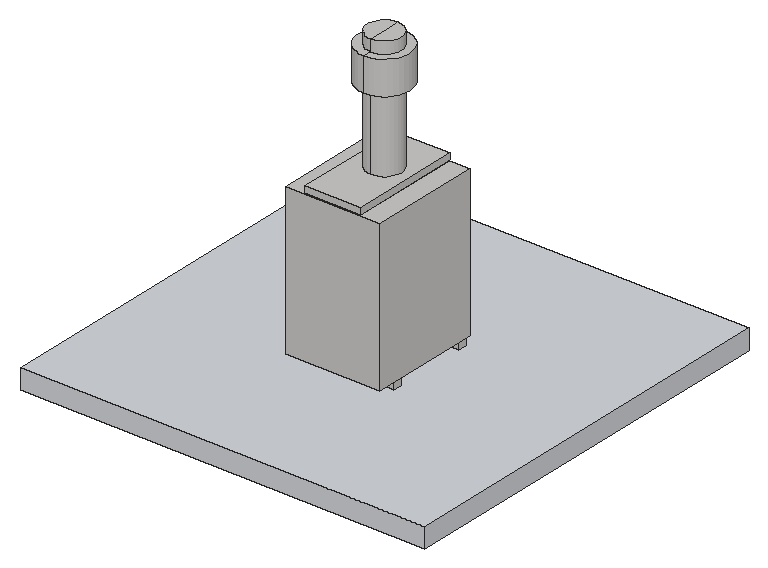
Revit family "DC_Rheem_PLM_Raypak_B0280HWT", category Mechanical Equipment, host Face, Revit 2020
Family settings
  Host = Face
  Round Connector Dimension = Use Radius
  Part Type = Normal
  Cut with Voids When Loaded = No
  Shared = No
  Room Calculation Point = No
Parameters (values of type "Raypak - Gas Water Heater- Outdoor - 261 MJ/h  Propane gas, modulating gas control")
  Width_ANZRS = 570 mm
  URL = "http://www.rheem.com.au/CommercialProducts"
  Type Comments = "Recovery 998L/h @ 50oC rise"
  Top Dia_ANZRS = 205 mm
  Model = "B0280PCM/HWT"
  Material_ANZRS = Raypak - Grey Powder Coated Steel
  PRV Dist_ANZRS = 210 mm
  PRV_ANZRS = 10 mm
  Manufacturer = "Raypak"
  Length_ANZRS = 675 mm
  Hot Water outlet radius_ANZRS = 20 mm
  Hot Water Outlet Diameter_ANZRS = Hot Water outlet radius_ANZRS * 2  # 40 mm
  Hot Water Conn. Dist_ANZRS = 170 mm
  Height_ANZRS = 1715 mm
  H1_ANZRS = 940 mm
  Gas Inlet radius_ANZRS = 10 mm
  Gas Inlet Height_ANZRS = 370 mm
  Gas Inlet Diameter_ANZRS = Gas Inlet radius_ANZRS * 2  # 20 mm
  Gas Conn. Dist_ANZRS = 105 mm
  DesignBy_ANZRS = "Design Content ©"
  Description = "Raypak - Gas Water Heater- Outdoor - 261 MJ/h  Propane gas, modulating gas control"
  Default Elevation = 0 mm
  Conn Height_ANZRS = 700 mm
  Cold Water Inlet Radius_ANZRS = 20 mm
  Cold Water Inlet Diameter_ANZRS = Cold Water Inlet Radius_ANZRS * 2  # 40 mm
  Cold Water Conn. Dist_ANZRS = 215 mm
  Box HEight_ANZRS = 985 mm
  Base1 Dist_ANZRS = 30 mm
  Base Width_ANZRS = 50 mm
  Basae2 Dist_ANZRS = 105 mm
  Author_ANZRS = "DM"
  Assembly Code = ""
Types (5, lengths in mm): name | URL | Type Comments | Model | Gas Inlet radius_ANZRS | Gas Inlet Diameter_ANZRS | Description
  (no name) | "http://www.rheem.com.au/downloads/PDF/Raypak_Mechanical_Heating_Brochure_July_09.pdf" | "Recovery 1061L/h @ 50oC rise" | "B0280NCO/HWT" | 10 | 20 | "Raypak - Gas Water Heater- Outdoor - 278 MJ/h  Natural gas, On/Off gas control"
  Raypak - Gas Water Heater- Outdoor - 278 MJ/h  Natural gas, modulating gas control | "http://www.rheem.com.au/CommercialProducts" | "Recovery 1061L/h @ 50oC rise" | "B0280NCM/HWT" | 12.5 | 25 | "Raypak - Gas Water Heater- Outdoor - 278 MJ/h  Natural gas, modulating gas control"
  Raypak - Gas Water Heater- Outdoor - 278 MJ/h  Natural gas, On/Off gas control | "http://www.rheem.com.au/CommercialProducts" | "Recovery 1061L/h @ 50oC rise" | "B0280NCO/HWT" | 10 | 20 | "Raypak - Gas Water Heater- Outdoor - 278 MJ/h  Natural gas, On/Off gas control"
  Raypak - Gas Water Heater- Outdoor - 261 MJ/h  Propane gas, modulating gas control | "http://www.rheem.com.au/CommercialProducts" | "Recovery 998L/h @ 50oC rise" | "B0280PCM/HWT" | 10 | 20 | "Raypak - Gas Water Heater- Outdoor - 261 MJ/h  Propane gas, modulating gas control"
  Raypak - Gas Water Heater- Outdoor - 261 MJ/h  Propane gas, On/Off gas control | "http://www.rheem.com.au/CommercialProducts" | "Recovery 998L/h @ 50oC rise" | "B0280PCO/HWT" | 10 | 20 | "Raypak - Gas Water Heater- Outdoor - 261 MJ/h  Propane gas, modulating gas control"
Reference planes
  plane 1 "Center (Front/Back)": y = 0
  plane 2: z = 0
  plane 3 "Center (Left/Right)": x = 0
  plane 4 "Height": z = 1715
  plane 5 "Box H": z = 985
  plane 6 "Conn H": z = 700
  plane 7 "Gas C": z = 370
  plane 8 "L1": y = 288
  plane 9 "L2": y = -387
  plane 10 "PVR": y = 78
  plane 11 "Hot Water": y = 118
  plane 12 "Cold Water": y = -97
  plane 13 "Gas C1": y = -282
  plane 14 "D1": y = 102.5
  plane 15 "D2": y = -102.5
  plane 16 "W1": x = -285
  plane 17 "W2": x = 285
  plane 18 "base": z = 40
  plane 19 "H4": z = 1445
  plane 20 "H3": z = 1645
  plane 21: z = 600
  plane 22: z = 565
  plane 23: y = -327
  plane 24: x = -280
  plane 25 "BASE11": y = 258
  plane 26 "BASE12": y = 208
  plane 27 "BASE21": y = -232
  plane 28 "BASE22": y = -282
  plane 29 "D4": x = 102.5
  plane 30 "D3": x = -102.5
  plane 31 "H1": z = 940
  plane 32 "HH": z = 950
  plane 33: x = 167.5
  plane 34: x = -167.5
  plane 35: x = 157.5
  plane 36: x = -157.5
  plane 37 "LL2": y = -377
  plane 38 "LL1": y = 278
  plane 39: x = -152.5
  plane 40: x = 152.5
  plane 41: y = 152.5
  plane 42: y = -152.5
Forms (mm)
  Extrusion 1, solid
    sketch origin (0, 0, 0) x (1, 0, 0) y (0, 1, 0)
      loop
        line (-1219.2, 1219.2) -> (-1219.2, -1219.2) -> (1219.2, -1219.2) -> (1219.2, 1219.2) -> (-1219.2, 1219.2)
    from 0 to -120
  Extrusion 2, solid, material "Raypak - Grey Powder Coated Steel" <- "Material_ANZRS"
    sketch origin (0, 0, 0) x (1, 0, 0) y (0, 1, 0)
      loop
        line (-285, 288) -> (-285, -387) -> (285, -387) -> (285, 288) -> (-285, 288)
    from 40 to 940
  Revolve 3, solid, material "Raypak - Grey Powder Coated Steel" <- "Material_ANZRS"
    sketch origin (0, 0, 105) x (0, 1, 0) y (0, 0, 1)
      loop
        line (0, 1610) -> (-102.5, 1610) -> (-102.5, 1540) -> (-152.5, 1540) -> (-152.5, 1340) -> (-102.5, 1340) -> (-102.5, 880) -> (0, 880) -> (0, 1610)
      axis (0, 1610) -> (0, 880)
    angle from 0 to 360
  Extrusion 4, void
    sketch origin (0, 0, 0) x (0, 1, 0) y (0, 0, 1)
      loop
        circle (78, 700) r 10
      loop
        circle (118, 700) r 20
      loop
        circle (-97, 700) r 20
    from -285 to -280
  Extrusion 5, void
    sketch origin (0, 0, 0) x (0, 1, 0) y (0, 0, 1)
      loop
        circle (-327, 600) r 5
      loop
        circle (-327, 565) r 5
      loop
        circle (-282, 370) r 10
    from -285 to -280
  Extrusion 6, solid, material "Raypak - Grey Powder Coated Steel" <- "Material_ANZRS"
    sketch origin (0, 0, 0) x (0, 1, 0) y (0, 0, 1)
      loop
        line (258, 40) -> (208, 40) -> (208, 0) -> (258, 0) -> (258, 40)
      loop
        line (-232, 40) -> (-282, 40) -> (-282, 0) -> (-232, 0) -> (-232, 40)
    from -285 to 285
  Extrusion 7, solid, material "Raypak - Grey Powder Coated Steel" <- "Material_ANZRS"
    sketch origin (0, 0, 0) x (1, 0, 0) y (0, 0, 1)
      loop
        line (167.5, 985) -> (-167.5, 985) -> (-167.5, 950) -> (167.5, 950) -> (167.5, 985)
    from -288 to 387
  Extrusion 8, solid, material "Raypak - Grey Powder Coated Steel" <- "Material_ANZRS"
    sketch origin (0, 0, 0) x (1, 0, 0) y (0, 0, 1)
      loop
        line (157.5, 950) -> (-157.5, 950) -> (-157.5, 940) -> (157.5, 940) -> (157.5, 950)
    from -278 to 377
Cuts and joins
  Extrusion 4, Extrusion 5 cuts Extrusion 2
Lines and regions (mm)
  Masking region 1
    outline origin (0, 0, 0) x (1, 0, 0) y (0, 1, 0)
      loop
        line (-285, 288) -> (-285, -387) -> (285, -387) -> (285, 288) -> (-285, 288)
  Masking region 2
    outline origin (0, 0, 0) x (1, 0, 0) y (0, 0, 1)
      loop
        line (-102.5, 1715) -> (-102.5, 1645) -> (-152.5, 1645) -> (-152.5, 1445) -> (-102.5, 1445) -> (-102.5, 985) -> (-167.5, 985) -> (-167.5, 950) -> (-157.5, 950) -> (-157.5, 940) -> (-285, 940) -> (-285, 0) -> (285, 0) -> (285, 940) -> (157.5, 940) -> (157.5, 950) -> (167.5, 950) -> (167.5, 985) -> (102.5, 985) -> (102.5, 1445) -> (152.5, 1445) -> (152.5, 1645) -> (102.5, 1645) -> (102.5, 1715) -> (0, 1715) -> (-102.5, 1715)
  Masking region 3
    outline origin (0, 0, 0) x (0, 1, 0) y (0, 0, 1)
      loop
        line (-102.5, 1715) -> (-102.5, 1645) -> (-152.5, 1645) -> (-152.5, 1445) -> (-102.5, 1445) -> (-102.5, 985) -> (-387, 985) -> (-387, 950) -> (-377, 950) -> (-377, 940) -> (-387, 940) -> (-387, 40) -> (-282, 40) -> (-282, 0) -> (-232, 0) -> (-232, 40) -> (208, 40) -> (208, 0) -> (258, 0) -> (258, 40) -> (288, 40) -> (288, 940) -> (278, 940) -> (278, 950) -> (288, 950) -> (288, 985) -> (102.5, 985) -> (102.5, 1445) -> (152.5, 1445) -> (152.5, 1645) -> (102.5, 1645) -> (102.5, 1715) -> (-102.5, 1715)
  symbolic lines, style "Emergency", detail levels fine
    curve 1: arc (0, 152.5, 0) -> (-152.5, 0, 0) -> (0, -152.5, 0) r 152.5
    curve 2: arc (0, -152.5, 0) -> (152.5, 0, 0) -> (0, 152.5, 0) r 152.5
    curve 3: arc (0, 152.5, 0) -> (152.5, 0, 0) -> (0, -152.5, 0) r 152.5
    curve 4: arc (0, -152.5, 0) -> (-152.5, 0, 0) -> (0, 152.5, 0) r 152.5
    curve 5: arc (0, -102.5, 0) -> (-102.5, 0, 0) -> (0, 102.5, 0) r 102.5
    curve 6: arc (0, 102.5, 0) -> (102.5, 0, 0) -> (0, -102.5, 0) r 102.5
    curve 7: line (285, -387, 0) -> (285, 288, 0)
    curve 8: line (285, 288, 0) -> (-285, 288, 0)
    curve 9: line (-285, 288, 0) -> (-285, -387, 0)
    curve 10: line (-285, -387, 0) -> (285, -387, 0)
    curve 11: line (102.5, 0, 1645) -> (152.5, 0, 1645)
    curve 12: line (152.5, 0, 1445) -> (152.5, 0, 1645)
    curve 13: line (-152.5, 0, 1645) -> (-152.5, 0, 1445)
    curve 14: line (-152.5, 0, 1645) -> (-102.5, 0, 1645)
    curve 15: line (-102.5, 0, 1715) -> (102.5, 0, 1715)
    curve 16: line (0, 0, 1715) -> (102.5, 0, 1715)
    curve 17: line (152.5, 0, 1645) -> (-152.5, 0, 1645)
    curve 18: line (102.5, 0, 1762.094) -> (-102.5, 0, 1762.094)
    curve 19: line (-152.5, 0, 1445) -> (0, 0, 1445)
    curve 20: line (0, 0, 1445) -> (152.5, 0, 1445)
    curve 21: line (102.5, 0, 1715) -> (102.5, 0, 1645)
    curve 22: line (-102.5, 0, 1715) -> (-102.5, 0, 1645)
    curve 23: line (285, 0, 940) -> (-285, 0, 940)
    curve 24: line (285, 0, 40) -> (285, 0, 940)
    curve 25: line (-285, 0, 940) -> (-285, 0, 40)
    curve 26: line (-285, 0, 40) -> (285, 0, 40)
    curve 27: line (285, 0, 0) -> (285, 0, 40)
    curve 28: line (-285, 0, 40) -> (-285, 0, 0)
    curve 29: line (-285, 0, 0) -> (285, 0, 0)
    curve 30: line (-102.5, 0, 1445) -> (-102.5, 0, 985)
    curve 31: line (102.5, 0, 1445) -> (102.5, 0, 985)
    curve 32: arc (0, 68, 700) -> (0, 78, 690) -> (0, 88, 700) r 10
    curve 33: arc (0, 88, 700) -> (0, 78, 710) -> (0, 68, 700) r 10
    curve 34: arc (0, 138, 700) -> (0, 118, 720) -> (0, 98, 700) r 20
    curve 35: arc (0, 98, 700) -> (0, 118, 680) -> (0, 138, 700) r 20
    curve 36: arc (0, -117, 700) -> (0, -97, 680) -> (0, -77, 700) r 20
    curve 37: arc (0, -77, 700) -> (0, -97, 720) -> (0, -117, 700) r 20
    curve 38: arc (0, -272, 370) -> (0, -282, 380) -> (0, -292, 370) r 10
    curve 39: arc (0, -292, 370) -> (0, -282, 360) -> (0, -272, 370) r 10
    curve 40: arc (0, -332, 565) -> (0, -327, 560) -> (0, -322, 565) r 5
    curve 41: arc (0, -322, 565) -> (0, -327, 570) -> (0, -332, 565) r 5
    curve 42: arc (0, -332, 600) -> (0, -327, 595) -> (0, -322, 600) r 5
    curve 43: arc (0, -322, 600) -> (0, -327, 605) -> (0, -332, 600) r 5
    curve 44: line (0, -102.5, 1715) -> (0, -102.5, 1645)
    curve 45: line (0, 102.5, 1715) -> (0, 102.5, 1645)
    curve 46: line (0, 152.5, 1445) -> (0, -152.113, 1445)
    curve 47: line (0, 152.5, 1645) -> (0, -152.113, 1645)
    curve 48: line (0, 102.5, 1645) -> (0, -102.5, 1645)
    curve 49: line (0, 102.5, 1645) -> (0, 152.5, 1645)
    curve 50: line (0, -152.113, 1445) -> (0, -152.113, 1645)
    curve 51: line (0, -102.5, 1645) -> (0, -152.113, 1645)
    curve 52: line (0, 152.5, 1445) -> (0, 152.5, 1645)
    curve 53: line (0, -102.5, 1715) -> (0, 102.5, 1715)
    curve 54: line (0, 102.5, 1445) -> (0, 102.5, 985)
    curve 55: line (0, -102.5, 1445) -> (0, -102.5, 985)
    curve 56: line (0, 288, 985) -> (0, -387, 985)
    curve 57: line (0, -387, 985) -> (0, -387, 950)
    curve 58: line (0, 288, 40) -> (0, 288, 940)
    curve 59: line (0, -387, 40) -> (0, 288, 40)
    curve 60: line (0, 208, 40) -> (0, 208, 0)
    curve 61: line (0, 258, 0) -> (0, 258, 40)
    curve 62: line (0, 208, 0) -> (0, 258, 0)
    curve 63: line (0, -232, 0) -> (0, -232, 40)
    curve 64: line (0, -282, 40) -> (0, -282, 0)
    curve 65: line (0, -282, 0) -> (0, -232, 0)
    curve 66: line (-167.5, 288, 0) -> (-167.5, -387, 0)
    curve 67: line (167.5, -387, 0) -> (167.5, 288, 0)
    curve 68: line (167.5, 0, 950) -> (167.5, 0, 985)
    curve 69: line (-167.5, 0, 950) -> (167.5, 0, 950)
    curve 70: line (157.5, 0, 940) -> (157.5, 0, 950)
    curve 71: line (-167.5, 0, 985) -> (-167.5, 0, 950)
    curve 72: line (-157.5, 0, 950) -> (-157.5, 0, 940)
    curve 73: line (167.5, 0, 985) -> (-167.5, 0, 985)
    curve 74: line (0, -387, 950) -> (0, 288, 950)
    curve 75: line (0, 288, 940) -> (0, -387, 940)
    curve 76: line (0, 278, 940) -> (0, 278, 950)
    curve 77: line (0, -377, 950) -> (0, -377, 940)
    curve 78: line (0, -387, 940) -> (0, -387, 40)
    curve 79: line (0, 288, 950) -> (0, 288, 985)
Dimensions and locks
  "Height_ANZRS": plane 4 "Height" to level
  "Box HEight_ANZRS": plane 5 "Box H" to level
  "Conn Height_ANZRS": plane 6 "Conn H" to Extrusion 1
  "Gas Inlet Height_ANZRS": plane 7 "Gas C" to level
  "Length_ANZRS": plane 8 "L1" to plane 9 "L2"
  "PRV Dist_ANZRS": plane 8 "L1" to plane 10 "PVR"
  "Hot Water Conn. Dist_ANZRS": plane 8 "L1" to plane 11 "Hot Water"
  "Cold Water Conn. Dist_ANZRS": plane 11 "Hot Water" to plane 12 "Cold Water"
  "Gas Conn. Dist_ANZRS": plane 13 "Gas C1" to plane 9 "L2"
  plane 1 "Center (Front/Back)" to plane 9 "L2" = 387 mm
  plane 18 "base" to level = 40 mm
  plane 4 "Height" to plane 20 "H3" to plane 19 "H4" = 70 mm, 200 mm
  equal spacing: plane 17 "W2", plane 3 "Center (Left/Right)", plane 16 "W1"
  "Width_ANZRS": plane 17 "W2" to plane 16 "W1"
  equal spacing: plane 14 "D1", plane 1 "Center (Front/Back)", plane 15 "D2"
  "Top Dia_ANZRS": plane 14 "D1" to plane 15 "D2"
  plane 21 to Extrusion 1 = 600 mm
  plane 22 to Extrusion 1 = 565 mm
  plane 18 "base" to Extrusion 1 = 40 mm
  plane 23 to plane 9 "L2" = 60 mm
  plane 16 "W1" to plane 24 = 5 mm
  "Base1 Dist_ANZRS": plane 8 "L1" to plane 25 "BASE11"
  "Base Width_ANZRS": plane 25 "BASE11" to plane 26 "BASE12"
  "Base Width_ANZRS": plane 27 "BASE21" to plane 28 "BASE22"
  "Basae2 Dist_ANZRS": plane 28 "BASE22" to plane 9 "L2"
  equal spacing: plane 30 "D3", plane 3 "Center (Left/Right)", plane 29 "D4"
  "Top Dia_ANZRS": plane 30 "D3" to plane 29 "D4"
  "H1_ANZRS": plane 31 "H1" to Extrusion 1
  locked: plane 31 "H1" to plane 32 "HH" at 10
  plane 34 to plane 3 "Center (Left/Right)" to plane 33 = 167.5 mm, 167.5 mm
  plane 34 to plane 33 = 335 mm
  locked: plane 35 to plane 33 at 10
  locked: plane 36 to plane 34 at 10
  locked: plane 37 "LL2" to plane 9 "L2" at 10
  plane 38 "LL1" to plane 8 "L1" = 10 mm
  plane 30 "D3" to plane 39 = 50 mm  (x2)
  plane 29 "D4" to plane 40 = 50 mm  (x2)
  plane 41 to plane 14 "D1" = 50 mm
  plane 15 "D2" to plane 42 = 50 mm
  "Hot Water outlet radius_ANZRS": radius of Extrusion 4 sketch curve
  "Cold Water Inlet Radius_ANZRS": radius of Extrusion 4 sketch curve
  "PRV_ANZRS": radius of Extrusion 4 sketch curve
  "Gas Inlet radius_ANZRS": radius of Extrusion 5 sketch curve
  aligned and locked: plane 2 to Extrusion 1
  aligned and locked: level to Extrusion 1
  aligned and locked: plane 8 "L1" to Extrusion 2 sketch curve
  aligned and locked: plane 16 "W1" to Extrusion 2 sketch curve
  aligned and locked: plane 9 "L2" to Extrusion 2 sketch curve
  aligned and locked: plane 17 "W2" to Extrusion 2 sketch curve
  aligned: plane 5 "Box H" to Extrusion 2
  aligned and locked: Revolve 3 sketch curve to plane 1 "Center (Front/Back)"
  aligned and locked: plane 11 "Hot Water" to Extrusion 4 sketch curve
  aligned and locked: plane 10 "PVR" to Extrusion 4 sketch curve
  aligned and locked: plane 6 "Conn H" to Extrusion 4 sketch curve  (x3)
  aligned and locked: Extrusion 4 to plane 16 "W1"
  aligned and locked: Extrusion 2 to plane 18 "base"
  aligned and locked: plane 12 "Cold Water" to Extrusion 4 sketch curve
  aligned and locked: Revolve 3 sketch curve to plane 4 "Height"
  aligned and locked: plane 5 "Box H" to Revolve 3 sketch curve
  aligned and locked: plane 19 "H4" to Revolve 3 sketch curve
  aligned: plane 15 "D2" to Revolve 3 sketch curve
  aligned and locked: plane 15 "D2" to Revolve 3 sketch curve  (x2)
  aligned and locked: plane 21 to Extrusion 5 sketch curve
  aligned and locked: plane 23 to Extrusion 5 sketch curve  (x2)
  aligned and locked: plane 22 to Extrusion 5 sketch curve
  aligned and locked: Extrusion 5 to plane 16 "W1"
  aligned and locked: plane 24 to Extrusion 5
  aligned and locked: plane 13 "Gas C1" to Extrusion 5 sketch curve
  aligned and locked: plane 7 "Gas C" to Extrusion 5 sketch curve
  aligned and locked: Extrusion 5 to Extrusion 4
  aligned and locked: plane 18 "base" to Extrusion 6 sketch curve  (x2)
  aligned and locked: Extrusion 6 sketch curve to plane 25 "BASE11"
  aligned and locked: Extrusion 6 sketch curve to level  (x2)
  aligned and locked: plane 26 "BASE12" to Extrusion 6 sketch curve
  aligned and locked: Extrusion 6 sketch curve to plane 27 "BASE21"
  aligned and locked: plane 28 "BASE22" to Extrusion 6 sketch curve
  aligned and locked: Extrusion 6 to plane 16 "W1"
  aligned and locked: Extrusion 6 to plane 17 "W2"
  aligned and locked: Masking region 1 sketch curve to cut or joined group of Extrusion 2, Extrusion 4, Extrusion 5  (x4)
  aligned and locked: Masking region 2 sketch curve to plane 30 "D3"
  aligned and locked: Masking region 2 sketch curve to Revolve 3  (x3)
  aligned and locked: plane 29 "D4" to Masking region 2 sketch curve
  aligned and locked: Revolve 3 to Masking region 2 sketch curve
  aligned and locked: plane 5 "Box H" to Masking region 2 sketch curve
  aligned and locked: plane 16 "W1" to Masking region 2 sketch curve
  aligned and locked: Masking region 2 sketch curve to plane 17 "W2"
  aligned and locked: Extrusion 1 to Masking region 2 sketch curve
  aligned and locked: Masking region 3 sketch curve to Revolve 3
  aligned and locked: Masking region 3 sketch curve to plane 15 "D2"  (x2)
  aligned and locked: plane 5 "Box H" to Masking region 3 sketch curve
  aligned and locked: Masking region 3 sketch curve to plane 9 "L2"
  aligned and locked: plane 18 "base" to Masking region 3 sketch curve
  aligned and locked: Masking region 3 sketch curve to Extrusion 6  (x4)
  aligned and locked: plane 26 "BASE12" to Masking region 3 sketch curve
  aligned and locked: plane 25 "BASE11" to Masking region 3 sketch curve
  aligned and locked: plane 8 "L1" to Masking region 3 sketch curve
  aligned and locked: plane 14 "D1" to Masking region 3 sketch curve
  aligned and locked: Revolve 3 to Masking region 3 sketch curve
  aligned and locked: curve 1 to Revolve 3
  aligned and locked: curve 2 to Revolve 3
  aligned and locked: curve 3 to Revolve 3
  aligned and locked: curve 4 to Revolve 3
  aligned and locked: curve 5 to Revolve 3
  aligned and locked: curve 6 to Revolve 3
  aligned and locked: curve 7 to cut or joined group of Extrusion 2, Extrusion 4, Extrusion 5
  aligned and locked: curve 8 to cut or joined group of Extrusion 2, Extrusion 4, Extrusion 5
  aligned and locked: curve 9 to cut or joined group of Extrusion 2, Extrusion 4, Extrusion 5
  aligned and locked: curve 10 to cut or joined group of Extrusion 2, Extrusion 4, Extrusion 5
  aligned and locked: curve 32 to cut or joined group of Extrusion 2, Extrusion 4, Extrusion 5
  aligned and locked: curve 33 to cut or joined group of Extrusion 2, Extrusion 4, Extrusion 5
  aligned and locked: curve 34 to cut or joined group of Extrusion 2, Extrusion 4, Extrusion 5
  aligned and locked: curve 35 to cut or joined group of Extrusion 2, Extrusion 4, Extrusion 5
  aligned and locked: curve 36 to cut or joined group of Extrusion 2, Extrusion 4, Extrusion 5
  aligned and locked: curve 37 to cut or joined group of Extrusion 2, Extrusion 4, Extrusion 5
  aligned and locked: curve 38 to cut or joined group of Extrusion 2, Extrusion 4, Extrusion 5
  aligned and locked: curve 39 to cut or joined group of Extrusion 2, Extrusion 4, Extrusion 5
  aligned and locked: curve 40 to cut or joined group of Extrusion 2, Extrusion 4, Extrusion 5
  aligned and locked: curve 41 to cut or joined group of Extrusion 2, Extrusion 4, Extrusion 5
  aligned and locked: curve 42 to cut or joined group of Extrusion 2, Extrusion 4, Extrusion 5
  aligned and locked: curve 43 to cut or joined group of Extrusion 2, Extrusion 4, Extrusion 5
  aligned and locked: curve 44 to plane 15 "D2"
  aligned and locked: plane 14 "D1" to curve 45
  aligned and locked: curve 53 to Revolve 3
  aligned and locked: Extrusion 2 to plane 31 "H1"
  aligned and locked: curve 23 to cut or joined group of Extrusion 2, Extrusion 4, Extrusion 5
  aligned and locked: plane 5 "Box H" to Extrusion 7 sketch curve
  aligned and locked: Extrusion 7 sketch curve to plane 33
  aligned and locked: Extrusion 7 sketch curve to plane 32 "HH"
  aligned and locked: Extrusion 7 sketch curve to plane 34
  aligned and locked: plane 32 "HH" to Extrusion 8 sketch curve
  aligned and locked: Extrusion 8 sketch curve to plane 35
  aligned and locked: Extrusion 8 sketch curve to plane 31 "H1"
  aligned and locked: Extrusion 8 sketch curve to plane 36
  aligned and locked: Extrusion 7 to plane 8 "L1"
  aligned and locked: Extrusion 7 to plane 9 "L2"
  aligned and locked: Extrusion 8 to plane 37 "LL2"
  aligned and locked: plane 38 "LL1" to Extrusion 8
  aligned and locked: curve 66 to Extrusion 7
  aligned and locked: curve 67 to Extrusion 7
  aligned and locked: curve 68 to Extrusion 7
  aligned and locked: curve 69 to Extrusion 7
  aligned and locked: curve 70 to Extrusion 8
  aligned and locked: curve 71 to Extrusion 7
  aligned and locked: curve 72 to Extrusion 8
  aligned and locked: curve 73 to Extrusion 7
  aligned and locked: Masking region 2 sketch curve to Extrusion 7  (x3)
  aligned and locked: Extrusion 7 to Masking region 2 sketch curve
  aligned and locked: Masking region 2 sketch curve to Extrusion 8  (x2)
  aligned and locked: Masking region 2 sketch curve to cut or joined group of Extrusion 2, Extrusion 4, Extrusion 5
  aligned and locked: curve 74 to Extrusion 7
  aligned and locked: curve 75 to cut or joined group of Extrusion 2, Extrusion 4, Extrusion 5
  aligned and locked: curve 76 to Extrusion 8
  aligned and locked: curve 77 to Extrusion 8
  aligned and locked: Masking region 3 sketch curve to Extrusion 7
  aligned and locked: Masking region 3 sketch curve to cut or joined group of Extrusion 2, Extrusion 4, Extrusion 5
  aligned and locked: Masking region 3 sketch curve to Extrusion 8  (x2)
  aligned and locked: plane 19 "H4" to curve 12
  aligned and locked: plane 20 "H3" to curve 17  (x2)
  aligned and locked: curve 12 to plane 40
  aligned and locked: plane 19 "H4" to curve 13
  aligned and locked: plane 19 "H4" to curve 52
  aligned and locked: plane 20 "H3" to curve 52
  aligned and locked: plane 19 "H4" to curve 50
  aligned and locked: Revolve 3 sketch curve to plane 20 "H3"
  aligned and locked: plane 41 to Masking region 3 sketch curve
  aligned and locked: Masking region 3 sketch curve to plane 42
  aligned and locked: plane 20 "H3" to Masking region 3 sketch curve
  aligned and locked: curve 51 to plane 20 "H3"
  aligned and locked: curve 52 to plane 41
  aligned and locked: plane 40 to Masking region 2 sketch curve
  aligned and locked: Masking region 2 sketch curve to plane 20 "H3"
  aligned and locked: plane 20 "H3" to Masking region 2 sketch curve
  aligned and locked: Masking region 2 sketch curve to plane 39
  aligned and locked: curve 11 to plane 20 "H3"
Automatic sketch dimensions
  Extrusion 1 sketch curve to Extrusion 1 sketch curve = 2438.4 mm  (x2)
  curve 9 to plane 9 "L2" = 0 mm
  curve 9 to plane 16 "W1" = 0 mm
  plane 8 "L1" to curve 66 = 0 mm
  curve 66 to plane 34 = 0 mm
  curve 67 to plane 33 = 0 mm
  curve 7 to plane 17 "W2" = 0 mm
  curve 57 to plane 5 "Box H" = 0 mm
  curve 57 to plane 9 "L2" = 0 mm
  curve 78 to plane 9 "L2" = 0 mm
  curve 77 to plane 37 "LL2" = 0 mm
  curve 64 to level = 0 mm
  curve 64 to plane 13 "Gas C1" = 0 mm
  curve 65 to plane 27 "BASE21" = 0 mm
  curve 55 to plane 15 "D2" = 0 mm
  curve 54 to plane 14 "D1" = 0 mm
  curve 62 to level = 0 mm
  curve 62 to plane 26 "BASE12" = 0 mm
  curve 61 to plane 18 "base" = 0 mm
  curve 61 to plane 25 "BASE11" = 0 mm
  curve 76 to plane 32 "HH" = 0 mm
  curve 76 to plane 38 "LL1" = 0 mm
  curve 74 to plane 8 "L1" = 0 mm
  curve 59 to plane 8 "L1" = 0 mm
  curve 59 to plane 18 "base" = 0 mm
  curve 63 to plane 18 "base" = 0 mm
  curve 64 to plane 18 "base" = 0 mm
  curve 60 to plane 18 "base" = 0 mm
  curve 53 to plane 4 "Height" = 0 mm
  Masking region 2 sketch curve to plane 30 "D3" = 0 mm
  Masking region 2 sketch curve to plane 3 "Center (Left/Right)" = 0 mm
  plane 29 "D4" to Masking region 2 sketch curve = 0 mm
  Masking region 2 sketch curve to plane 31 "H1" = 0 mm
  Masking region 2 sketch curve to plane 5 "Box H" = 0 mm
  Masking region 3 sketch curve to plane 9 "L2" = 0 mm
  Masking region 3 sketch curve to plane 14 "D1" = 0 mm
  Masking region 3 sketch curve to plane 19 "H4" = 0 mm
  Masking region 3 sketch curve to plane 8 "L1" = 0 mm
  Masking region 3 sketch curve to plane 18 "base" = 0 mm  (x2)
  Masking region 3 sketch curve to plane 31 "H1" = 0 mm
  Masking region 3 sketch curve to plane 32 "HH" = 0 mm
  Masking region 3 sketch curve to plane 5 "Box H" = 0 mm
  Revolve 3 sketch curve to plane 1 "Center (Front/Back)" = 0 mm
  Revolve 3 sketch curve to Revolve 3 sketch curve = 675 mm
  Revolve 3 sketch curve to Revolve 3 sketch curve = 130 mm
  Revolve 3 sketch curve to plane 42 = 0 mm
  plane 20 "H3" to Masking region 3 sketch curve = 0 mm
  curve 46 to plane 42 = 0.387 mm
  curve 28 to plane 16 "W1" = 0 mm
  curve 71 to plane 32 "HH" = 0 mm
  curve 71 to plane 34 = 0 mm
  curve 72 to plane 36 = 0 mm
  curve 17 to plane 39 = 0 mm
  curve 15 to plane 4 "Height" = 0 mm
  curve 15 to plane 30 "D3" = 0 mm
  curve 30 to plane 30 "D3" = 0 mm
  curve 18 to plane 30 "D3" = 0 mm
  curve 16 to plane 3 "Center (Left/Right)" = 0 mm
  curve 19 to plane 3 "Center (Left/Right)" = 0 mm
  plane 29 "D4" to curve 31 = 0 mm
  plane 29 "D4" to curve 21 = 0 mm
  plane 29 "D4" to curve 18 = 0 mm
  plane 35 to curve 70 = 0 mm
  plane 33 to curve 69 = 0 mm
  plane 17 "W2" to curve 24 = 0 mm
  curve 29 to level = 0 mm
  curve 25 to plane 18 "base" = 0 mm
  curve 68 to plane 5 "Box H" = 0 mm
  curve 15 to curve 18 = 47.094 mm
  Extrusion 5 sketch curve to plane 13 "Gas C1" = 0 mm
  radius of Extrusion 5 sketch curve = 5 mm  (x2)
Connectors
  piping at (-285, 118, 700), diameter 40, driven by "Hot Water outlet radius_ANZRS"
    settings: on cut or joined group of Extrusion 2, Extrusion 4, Extrusion 5, index 1, connector inside diameter 1.5748", connector length 0 mm, flow factor 0, pipe flow 0 GPM, pressure drop 0.00 psi, fitting loss kfactor 0, connector angle 0.00°, fixture units 0, engagement length 0 mm, angle of deflection 0.00°, flow configuration 0, flow direction 0, fitting loss method 0, system type 19, joint type 0, gender type 0, connector reference index -1, connector utility 0, adjustable connector no, is connector primary yes, connector description ""
  piping at (-285, 78, 700), diameter 20, driven by "PRV_ANZRS"
    settings: on cut or joined group of Extrusion 2, Extrusion 4, Extrusion 5, index 2, connector inside diameter 0.7874", connector length 0 mm, flow factor 0, pipe flow 0 GPM, pressure drop 0.00 psi, fitting loss kfactor 0, connector angle 0.00°, fixture units 0, engagement length 0 mm, angle of deflection 0.00°, flow configuration 0, flow direction 0, fitting loss method 0, system type 19, joint type 0, gender type 0, connector reference index -1, connector utility 0, adjustable connector no, is connector primary no, connector description ""
  piping at (-285, -97, 700), diameter 40, driven by "Cold Water Inlet Radius_ANZRS"
    settings: on cut or joined group of Extrusion 2, Extrusion 4, Extrusion 5, index 3, connector inside diameter 1.5748", connector length 0 mm, flow factor 0, pipe flow 0 GPM, pressure drop 0.00 psi, fitting loss kfactor 0, connector angle 0.00°, fixture units 0, engagement length 0 mm, angle of deflection 0.00°, flow configuration 0, flow direction 0, fitting loss method 0, system type 20, joint type 0, gender type 0, connector reference index -1, connector utility 0, adjustable connector no, is connector primary no, connector description ""
  piping at (-285, -282, 370), diameter 20, driven by "Gas Inlet radius_ANZRS"
    settings: on cut or joined group of Extrusion 2, Extrusion 4, Extrusion 5, index 4, connector inside diameter 0.7874", connector length 0 mm, flow factor 0, pipe flow 0 GPM, pressure drop 0.00 psi, fitting loss kfactor 0, connector angle 0.00°, fixture units 0, engagement length 0 mm, angle of deflection 0.00°, flow configuration 0, flow direction 0, fitting loss method 0, system type 22, joint type 0, gender type 0, connector reference index -1, connector utility 0, adjustable connector no, is connector primary no, connector description ""
  electrical at (-285, -327, 600)
    settings: on cut or joined group of Extrusion 2, Extrusion 4, Extrusion 5, index 5, voltage 0 V, apparent load 0 VA, apparent load phase1 0 VA, apparent load phase2 0 VA, apparent load phase3 0 VA, power factor 1, load classification "Other", number of poles 1, system type 31, power factor state 1, is connector primary yes, connector utility no, sub classification motor no, connector description ""
  electrical at (-285, -327, 565)
    settings: on cut or joined group of Extrusion 2, Extrusion 4, Extrusion 5, index 6, voltage 0 V, apparent load 0 VA, apparent load phase1 0 VA, apparent load phase2 0 VA, apparent load phase3 0 VA, power factor 1, load classification "Other", number of poles 1, system type 31, power factor state 1, is connector primary no, connector utility no, sub classification motor no, connector description ""
